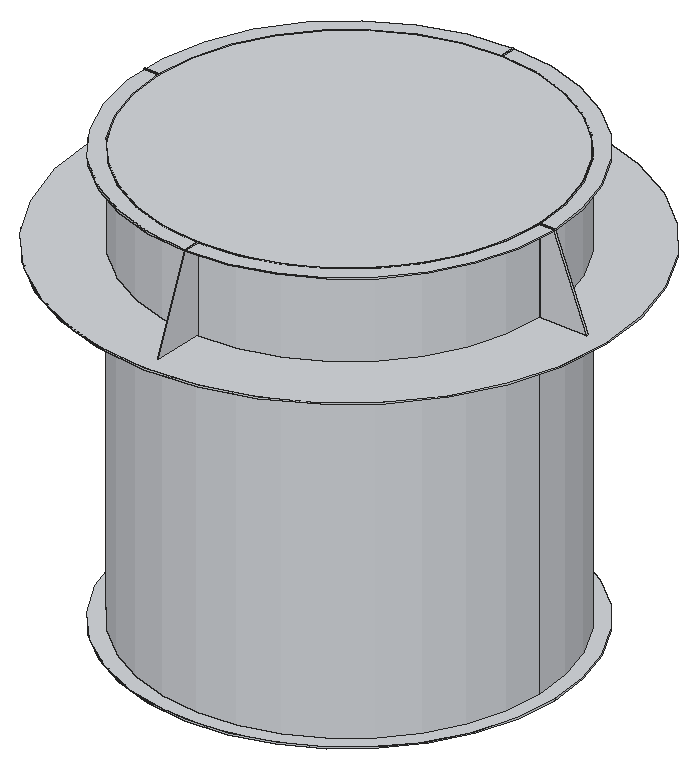
Revit family "НЕВАТОМ_Узел прохода УП1-1, версия 1", category Арматура воздуховодов, Revit 2017
Family settings
  Размер круглого соединителя = Использовать диаметр
  Тип детали = Вставляется
  На основе рабочей плоскости = Нет
  Всегда вертикально = Да
  При загрузке вырезать с полостями = Нет
  Общий = Нет
Parameters (values of type "УЗЕЛ ПРОХОДА-УП1-1-0-900-1000")
  t = 3 mm
  d1 = D1 - D / 10  # 1130 mm
  d = D + D / 10  # 990 mm
  Nevatom_URL = "https://t.me/NEVATOM_Bim_bot"
  L = 1000 mm
  H = 200 mm
  Df1 = 932 mm
  Df = (Df1 - D + 3 mm) * 2 + D + 3 mm  # 973 mm
  D1 = 1220 mm
  D+3 = D + 3 mm  # 903 mm
  D = 900 mm
  ADSK_Размер_Ширина = D1  # 1220 mm
  ADSK_Размер_Длина = D1  # 1220 mm
  ADSK_Размер_Высота = L  # 1000 mm
  ADSK_Примечание = ""
  ADSK_Позиция = ""
  ADSK_Наименование [instance] = "Узел прохода"  # constant formula
  ADSK_Материал наименование = "Черная сталь"
  ADSK_Марка [instance] = "УП1-1-0-900-1000"
  ADSK_Количество = 1  # constant formula
  ADSK_Код изделия = ""
  ADSK_Завод-изготовитель = "НЕВАТОМ"  # constant formula
  ADSK_Единица измерения = "шт."  # constant formula
Types (20, lengths in mm): name | d1 | d | L | H | Df1 | Df | D1 | D+3 | D | ADSK_Размер_Ширина | ADSK_Размер_Длина | ADSK_Размер_Высота | ADSK_Материал наименование | ADSK_Марка
  (no name) | 1130 | 990 | 1000 | 200 | 932 | 973 | 1220 | 903 | 900 | 1220 | 1220 | 1000 | "Черная сталь" | "УП1-1-0-900-1000"
  УЗЕЛ ПРОХОДА-УП1-1-0-100-700 | 450 | 110 | 700 | 190 | 130 | 169 | 460 | 103 | 100 | 460 | 460 | 700 | "Оцинкованная сталь" | "УП1-1-0-100-700"
  УЗЕЛ ПРОХОДА-УП1-1-0-125-700 | 447.5 | 137.5 | 700 | 190 | 155 | 194 | 460 | 128 | 125 | 460 | 460 | 700 | "Оцинкованная сталь" | "УП1-1-0-125-700"
  УЗЕЛ ПРОХОДА-УП1-1-0-160-700 | 444 | 176 | 700 | 190 | 190 | 229 | 460 | 163 | 160 | 460 | 460 | 700 | "Оцинкованная сталь" | "УП1-1-0-160-700"
  УЗЕЛ ПРОХОДА-УП1-1-0-200-1000 | 520 | 220 | 1000 | 200 | 230 | 269 | 540 | 203 | 200 | 540 | 540 | 1000 | "Оцинкованная сталь" | "УП1-1-0-200-1000"
  УЗЕЛ ПРОХОДА-УП1-1-0-250-1000 | 515 | 275 | 1000 | 200 | 280 | 319 | 540 | 253 | 250 | 540 | 540 | 1000 | "Оцинкованная сталь" | "УП1-1-0-250-1000"
  УЗЕЛ ПРОХОДА-УП1-1-0-280-1000 | 512 | 308 | 1000 | 200 | 310 | 349 | 540 | 283 | 280 | 540 | 540 | 1000 | "Оцинкованная сталь" | "УП1-1-0-280-1000"
  УЗЕЛ ПРОХОДА-УП1-1-0-315-1000 | 658.5 | 346.5 | 1000 | 200 | 345 | 384 | 690 | 318 | 315 | 690 | 690 | 1000 | "Оцинкованная сталь" | "УП1-1-0-315-1000"
  УЗЕЛ ПРОХОДА-УП1-1-0-355-1000 | 654.5 | 390.5 | 1000 | 200 | 380 | 414 | 690 | 358 | 355 | 690 | 690 | 1000 | "Оцинкованная сталь" | "УП1-1-0-355-1000"
  УЗЕЛ ПРОХОДА-УП1-1-0-400-1000 | 800 | 440 | 1000 | 200 | 425 | 459 | 840 | 403 | 400 | 840 | 840 | 1000 | "Черная сталь" | "УП1-1-0-400-1000"
  УЗЕЛ ПРОХОДА-УП1-1-0-450-1000 | 795 | 495 | 1000 | 200 | 475 | 509 | 840 | 453 | 450 | 840 | 840 | 1000 | "Черная сталь" | "УП1-1-0-450-1000"
  УЗЕЛ ПРОХОДА-УП1-1-0-500-1000 | 790 | 550 | 1000 | 200 | 525 | 559 | 840 | 503 | 500 | 840 | 840 | 1000 | "Черная сталь" | "УП1-1-0-500-1000"
  УЗЕЛ ПРОХОДА-УП1-1-0-560-1000 | 784 | 616 | 1000 | 200 | 585 | 619 | 840 | 563 | 560 | 840 | 840 | 1000 | "Черная сталь" | "УП1-1-0-560-1000"
  УЗЕЛ ПРОХОДА-УП1-1-0-630-1000 | 1077 | 693 | 1000 | 200 | 655 | 689 | 1140 | 633 | 630 | 1140 | 1140 | 1000 | "Черная сталь" | "УП1-1-0-630-1000"
  УЗЕЛ ПРОХОДА-УП1-1-0-710-1000 | 1069 | 781 | 1000 | 200 | 742 | 783 | 1140 | 713 | 710 | 1140 | 1140 | 1000 | "Черная сталь" | "УП1-1-0-710-1000"
  УЗЕЛ ПРОХОДА-УП1-1-0-800-1000 | 1060 | 880 | 1000 | 200 | 832 | 873 | 1140 | 803 | 800 | 1140 | 1140 | 1000 | "Черная сталь" | "УП1-1-0-800-1000"
  УЗЕЛ ПРОХОДА-УП1-1-0-900-1000 | 1130 | 990 | 1000 | 200 | 932 | 973 | 1220 | 903 | 900 | 1220 | 1220 | 1000 | "Черная сталь" | "УП1-1-0-900-1000"
  УЗЕЛ ПРОХОДА-УП1-1-0-1000-1000 | 1240 | 1100 | 1000 | 200 | 1032 | 1073 | 1340 | 1003 | 1000 | 1340 | 1340 | 1000 | "Черная сталь" | "УП1-1-0-1000-1000"
  УЗЕЛ ПРОХОДА-УП1-1-0-1120-1000 | 1338 | 1232 | 1000 | 200 | 1152 | 1193 | 1450 | 1123 | 1120 | 1450 | 1450 | 1000 | "Черная сталь" | "УП1-1-0-1120-1000"
  УЗЕЛ ПРОХОДА-УП1-1-0-1250-1000 | 1465 | 1375 | 1000 | 200 | 1282 | 1323 | 1590 | 1253 | 1250 | 1590 | 1590 | 1000 | "Черная сталь" | "УП1-1-0-1250-1000"
Reference planes
  plane 1 "По центру (Вперед/Назад)": y = 0
  plane 2: z = 0
  plane 3 "По центру (Влево/Вправо)": x = 0
  plane 4: z = 800
  plane 5: z = 1000
  plane 6: x = -565
  plane 7: x = 565
  plane 8: y = 565
  plane 9: y = -565
  plane 10: y = -495
  plane 11: y = 495
  plane 12: x = 495
  plane 13: x = -495
  plane 14: y = -450
  plane 15: y = 450
  plane 16: x = -450
  plane 17: x = 450
  plane 18: x = -486.5
  plane 19: x = 486.5
  plane 20: y = -486.5
  plane 21: y = 486.5
Forms (mm)
  Extrusion 1, solid
    sketch origin (0, 0, 0) x (1, 0, 0) y (0, 1, 0)
      loop
        circle (0, 0) r 450
    from 0 to 1000
  Extrusion 2, solid
    sketch origin (0, 0, 0) x (1, 0, 0) y (0, 1, 0)
      loop
        circle (0, 0) r 610
    from 800 to 803
  Extrusion 3, solid
    sketch origin (0, 0, 0) x (0, 1, 0) y (0, 0, 1)
      loop
        line (-450, 1000) -> (-486.5, 1000) -> (-565, 803) -> (-450, 803) -> (-450, 1000)
      loop
        line (450, 1000) -> (450, 803) -> (565, 803) -> (486.5, 1000) -> (450, 1000)
    from -1.5 to 1.5
  Extrusion 4, solid
    sketch origin (0, 0, 0) x (1, 0, 0) y (0, 0, 1)
      loop
        line (450, 1000) -> (450, 803) -> (565, 803) -> (486.5, 1000) -> (450, 1000)
      loop
        line (-565, 803) -> (-450, 803) -> (-450, 1000) -> (-486.5, 1000) -> (-565, 803)
    from -1.5 to 1.5
  Extrusion 5, solid
    sketch origin (0, 0, 0) x (1, 0, 0) y (0, 1, 0)
      loop
        circle (0, 0) r 451.5
    from 0 to 1000
  Extrusion 6, solid
    sketch origin (0, 0, 0) x (1, 0, 0) y (0, 1, 0)
      loop
        circle (0, 0) r 451.5
      loop
        circle (0, 0) r 486.5
    from 0 to 3
  Extrusion 7, solid
    sketch origin (0, 0, 1020) x (0, -1, 0) y (1, 0, 0)
      loop
        circle (0, 0) r 451.5
      loop
        circle (0, 0) r 486.5
    from -23 to -20
Dimensions and locks
  "H": plane 5 to plane 4
  "L": plane 5 to level
  "t": Extrusion 2 to plane 4
  equal spacing: plane 6, plane 3 "По центру (Влево/Вправо)", plane 7
  "d1": plane 6 to plane 7
  equal spacing: plane 8, plane 1 "По центру (Вперед/Назад)", plane 9
  "d1": plane 8 to plane 9
  equal spacing: plane 13, plane 3 "По центру (Влево/Вправо)", plane 12
  "d": plane 13 to plane 12
  equal spacing: plane 11, plane 1 "По центру (Вперед/Назад)", plane 10
  "d": plane 11 to plane 10
  equal spacing: plane 14, plane 1 "По центру (Вперед/Назад)", plane 15
  "D": plane 14 to plane 15
  equal spacing: Extrusion 3, plane 3 "По центру (Влево/Вправо)", Extrusion 3
  "t": Extrusion 3 to Extrusion 3
  equal spacing: plane 17, plane 3 "По центру (Влево/Вправо)", plane 16
  "D": plane 17 to plane 16
  equal spacing: Extrusion 4, plane 1 "По центру (Вперед/Назад)", Extrusion 4
  "t": Extrusion 4 to Extrusion 4
  "t": Extrusion 6 to level
  "t": plane 5 to Extrusion 7
  plane 12 to plane 13 = 990 mm
  plane 7 to plane 6 = 1130 mm
  equal spacing: plane 19, plane 3 "По центру (Влево/Вправо)", plane 18
  "Df": plane 19 to plane 18
  equal spacing: plane 20, plane 1 "По центру (Вперед/Назад)", plane 21
  "Df": plane 20 to plane 21
  "D": diameter of Extrusion 1 sketch curve
  "D1": diameter of Extrusion 2 sketch curve
  "D+3": diameter of Extrusion 5 sketch curve
  "D+3": diameter of Extrusion 6 sketch curve
  "Df": diameter of Extrusion 6 sketch curve
  "D+3": diameter of Extrusion 7 sketch curve
  "Df": diameter of Extrusion 7 sketch curve
  aligned and locked: level to plane 2
  aligned and locked: plane 5 to Extrusion 1
  aligned and locked: Extrusion 1 to level
  aligned and locked: Extrusion 2 to plane 4
  aligned and locked: Extrusion 2 to Extrusion 3 sketch curve
  aligned and locked: Extrusion 3 sketch curve to Extrusion 2
  aligned and locked: Extrusion 3 sketch curve to plane 14
  aligned and locked: Extrusion 3 sketch curve to plane 15
  aligned and locked: Extrusion 4 sketch curve to Extrusion 2  (x2)
  aligned and locked: plane 5 to Extrusion 4 sketch curve  (x2)
  aligned and locked: Extrusion 1 to Extrusion 4 sketch curve
  aligned and locked: plane 16 to Extrusion 4 sketch curve
  aligned and locked: Extrusion 4 sketch curve to plane 17
  aligned and locked: plane 5 to Extrusion 5
  aligned and locked: Extrusion 5 to level
  aligned and locked: Extrusion 6 to level
  aligned and locked: plane 5 to Extrusion 7
  aligned and locked: plane 6 to Extrusion 4 sketch curve
  aligned and locked: plane 18 to Extrusion 4 sketch curve
  aligned and locked: plane 19 to Extrusion 4 sketch curve
  aligned and locked: plane 7 to Extrusion 4 sketch curve
  aligned and locked: plane 20 to Extrusion 3 sketch curve
  aligned and locked: Extrusion 3 sketch curve to plane 5
  aligned and locked: plane 5 to Extrusion 3 sketch curve
  aligned and locked: plane 21 to Extrusion 3 sketch curve
  aligned and locked: plane 8 to Extrusion 3 sketch curve
  aligned and locked: plane 9 to Extrusion 3 sketch curve
Automatic sketch dimensions
  plane 1 "По центру (Вперед/Назад)" to Extrusion 1 sketch curve = 0 mm
  Extrusion 1 sketch curve to plane 3 "По центру (Влево/Вправо)" = 0 mm
  plane 1 "По центру (Вперед/Назад)" to Extrusion 2 sketch curve = 0 mm
  Extrusion 2 sketch curve to plane 3 "По центру (Влево/Вправо)" = 0 mm
  plane 1 "По центру (Вперед/Назад)" to Extrusion 5 sketch curve = 0 mm
  Extrusion 5 sketch curve to plane 3 "По центру (Влево/Вправо)" = 0 mm
  Extrusion 6 sketch curve to Extrusion 6 sketch curve = 0 mm  (x2)
  plane 1 "По центру (Вперед/Назад)" to Extrusion 6 sketch curve = 0 mm
  Extrusion 6 sketch curve to plane 3 "По центру (Влево/Вправо)" = 0 mm
  Extrusion 7 sketch curve to Extrusion 7 sketch curve = 0 mm  (x2)
  plane 1 "По центру (Вперед/Назад)" to Extrusion 7 sketch curve = 0 mm
  Extrusion 7 sketch curve to plane 3 "По центру (Влево/Вправо)" = 0 mm
Connectors
  hvac at (0, 0, 1000), driven by "D"
    settings: on Extrusion 1, index 1, duct flow 0.0 L/s, flow factor 0, pres drop 0.0 Pa, loss coef 0, conn angle 0.00°, conn width 304.8 mm, conn height 304.8 mm, conn diameter 900 mm, duct sys type 29, conn prof type 0, flow config 0, flow direction 0, loss method 0, conn ref index 2, conn util no, is conn primary yes, conn desc ""
  hvac at (0, 0, 0), driven by "D"
    settings: on Extrusion 1, index 2, duct flow 0.0 L/s, flow factor 0, pres drop 0.0 Pa, loss coef 0, conn angle 0.00°, conn width 304.8 mm, conn height 304.8 mm, conn diameter 900 mm, duct sys type 29, conn prof type 0, flow config 0, flow direction 0, loss method 0, conn ref index 1, conn util no, is conn primary no, conn desc ""
